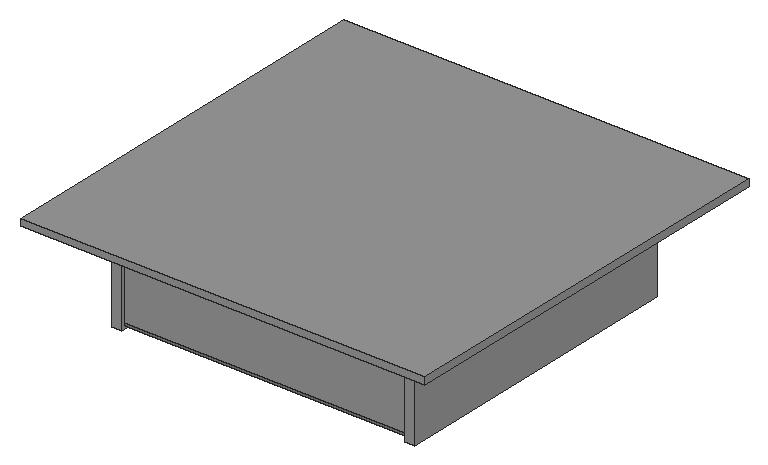
Revit family "Berica 2.0 M", category Lighting Fixtures, Revit 2020 (continued)
Definition of nested family "Light Source Berica 2.0"
  Types (4, lengths in mm): name | Photometric Web File | built-in parameter 1150142
    asymmetrical | "BERICA 2.0 A [3000K 8W 230Vac].IES" | "IESNA:LM-63-2002\r\n[TEST] 20201106-1625\r\n[TESTLAB] L&L\r\n[TESTDATE] 6 Nov 2020\r\n[ISSUEDATE] 6 Nov 2020\r\n[MANUFAC] L&L\r\n[LUMCAT] BERICA 2.0 A [3000K 8W 230Vac]\r\n[LUMINAIRE] BERICA 2.0 A [3000K 8W 230Vac]\r\n[FLASHAREA] 0.000363\r\n[LAMPCAT] Midpower LED\r\n[LAMP] Midpower LED\r\nTILT=NONE\r\n16 39.94 1.0 181 73 1 2 0.020 0.075 0.000\r\n1.00 1.00 8.00\r\n0.00 1.00 2.00 3.00 4.00 5.00 6.00 7.00 8.00 9.00 10.00 \r\n11.00 12.00 13.00 14.00 15.00 16.00 17.00 18.00 19.00 \r\n20.00 21.00 22.00 23.00 24.00 25.00 26.00 27.00 28.00 \r\n29.00 30.00 31.00 32.00 33.00 34.00 35.00 36.00 37.00 \r\n38.00 39.00 40.00 41.00 42.00 43.00 44.00 45.00 46.00 \r\n47.00 48.00 49.00 50.00 51.00 52.00 53.00 54.00 55.00 \r\n56.00 57.00 58.00 59.00 60.00 61.00 62.00 63.00 64.00 \r\n65.00 66.00 67.00 68.00 69.00 70.00 71.00 72.00 73.00 \r\n74.00 75.00 76.00 77.00 78.00 79.00 80.00 81.00 82.00 \r\n83.00 84.00 85.00 86.00 87.00 88.00 89.00 90.00 91.00 \r\n92.00 93.00 94.00 95.00 96.00 97.00 98.00 99.00 100.00 \r\n101.00 102.00 103.00 104.00 105.00 106.00 107.00 108.00 \r\n109.00 110.00 111.00 112.00 113.00 114.00 115.00 116.00 \r\n117.00 118.00 119.00 120.00 121.00 122.00 123.00 124.00 \r\n125.00 126.00 127.00 128.00 129.00 130.00 131.00 132.00 \r\n133.00 134.00 135.00 136.00 137.00 138.00 139.00 140.00 \r\n141.00 142.00 143.00 144.00 145.00 146.00 147.00 148.00 \r\n149.00 150.00 151.00 152.00 153.00 154.00 155.00 156.00 \r\n157.00 158.00 159.00 160.00 161.00 162.00 163.00 164.00 \r\n165.00 166.00 167.00 168.00 169.00 170.00 171.00 172.00 \r\n173.00 174.00 175.00 176.00 177.00 178.00 179.00 180.00 \r\n0.00 5.00 10.00 15.00 20.00 25.00 30.00 35.00 40.00 45.00 \r\n50.00 55.00 60.00 65.00 70.00 75.00 80.00 85.00 90.00 \r\n95.00 100.00 105.00 110.00 115.00 120.00 125.00 130.00 \r\n135.00 140.00 145.00 150.00 155.00 160.00 165.00 170.00 \r\n175.00 180.00 185.00 190.00 195.00 200.00 205.00 210.00 \r\n215.00 220.00 225.00 230.00 235.00 240.00 245.00 250.00 \r\n255.00 260.00 265.00 270.00 275.00 280.00 285.00 290.00 \r\n295.00 300.00 305.00 310.00 315.00 320.00 325.00 330.00 \r\n335.00 340.00 345.00 350.00 355.00 360.00 \r\n137.30 137.25 137.11 136.89 136.66 136.33 135.93 135.43 \r\n134.84 134.14 133.43 132.56 131.68 130.61 129.54 128.50 \r\n127.20 125.91 124.56 123.07 121.55 119.97 118.33 116.74 \r\n115.05 113.16 111.27 109.30 107.46 105.36 103.53 101.43 \r\n99.32 97.10 94.97 92.70 90.68 88.42 86.16 83.89 81.58 \r\n79.44 77.10 74.83 72.64 70.44 68.07 65.98 63.84 61.60 \r\n59.34 57.25 55.06 53.11 50.95 48.92 46.96 44.93 42.99 \r\n41.01 39.19 37.28 35.49 33.64 31.92 30.18 28.49 26.77 \r\n25.22 23.56 21.94 20.36 18.86 17.42 15.90 14.54 13.10 \r\n11.74 10.31 9.13 7.82 6.70 5.58 4.54 3.72 2.75 2.05 1.45 \r\n0.97 0.61 0.52 0.61 0.97 1.45 2.05 2.75 3.72 4.54 5.58 \r\n6.70 7.82 9.13 10.31 11.74 13.10 14.54 15.90 17.42 18.86 \r\n20.36 21.94 23.56 25.22 26.77 28.49 30.18 31.92 33.64 \r\n35.49 37.28 39.19 41.01 42.99 44.93 46.96 48.92 50.95 \r\n53.11 55.06 57.25 59.34 61.60 63.84 65.98 68.07 70.44 \r\n72.64 74.83 77.10 79.44 81.58 83.89 86.16 88.42 90.68 \r\n92.70 94.97 97.10 99.32 101.43 103.53 105.36 107.46 \r\n109.30 111.27 113.16 115.05 116.74 118.33 119.97 121.55 \r\n123.07 124.56 125.91 127.20 128.50 129.54 130.61 131.68 \r\n132.56 133.43 134.14 134.84 135.43 135.93 136.33 136.66 \r\n136.89 137.11 137.25 137.30 \r\n137.30 136.58 135.93 135.10 134.33 133.46 132.44 131.36 \r\n130.29 129.09 127.93 126.55 125.10 123.70 122.05 120.58 \r\n118.92 117.30 115.54 113.89 111.91 110.23 108.19 106.47 \r\n104.47 102.42 100.52 98.42 96.44 94.42 92.47 90.38 88.38 \r\n86.29 84.27 82.15 80.14 78.06 76.08 74.06 72.17 70.21 \r\n68.11 66.21 64.24 62.43 60.47 58.67 56.87 55.02 53.19 \r\n51.46 49.73 48.03 46.38 44.69 43.02 41.44 39.93 38.38 \r\n36.79 35.22 33.75 32.22 30.76 29.38 28.01 26.59 25.25 \r\n23.78 22.50 21.12 19.85 18.52 17.26 16.03 14.69 13.45 \r\n12.31 11.10 9.97 8.84 7.77 6.87 5.91 5.14 4.40 3.82 3.34 \r\n2.98 2.90 2.98 3.34 3.82 4.40 5.14 5.91 6.87 7.77 8.84 \r\n9.97 11.10 12.31 13.45 14.69 16.03 17.26 18.52 19.85 \r\n21.12 22.50 23.78 25.25 26.59 28.01 29.38 30.76 32.22 \r\n33.75 35.22 36.79 38.38 39.93 41.44 43.02 44.69 46.38 \r\n48.03 49.73 51.46 53.19 55.02 56.87 58.67 60.47 62.43 \r\n64.24 66.21 68.11 70.21 72.17 74.06 76.08 78.06 80.14 \r\n82.15 84.27 86.29 88.38 90.38 92.47 94.42 96.44 98.42 \r\n100.52 102.42 104.47 106.47 108.19 110.23 111.91 113.89 \r\n115.54 117.30 118.92 120.58 122.05 123.70 125.10 126.55 \r\n127.93 129.09 130.29 131.36 132.44 133.46 134.33 135.10 \r\n135.93 136.58 137.30 \r\n137.30 135.97 134.65 133.36 132.00 130.51 129.11 127.52 \r\n125.89 124.34 122.51 120.86 118.96 117.16 115.28 113.38 \r\n111.43 109.48 107.63 105.58 103.73 101.65 99.74 97.71 \r\n95.72 93.73 91.79 89.79 87.74 85.86 83.96 82.14 80.17 \r\n78.29 76.35 74.50 72.58 70.86 69.00 67.30 65.57 63.74 \r\n62.06 60.33 58.83 57.06 55.60 54.02 52.53 50.98 49.57 \r\n48.01 46.63 45.23 43.74 42.44 41.08 39.76 38.48 37.15 \r\n35.88 34.62 33.40 32.25 30.95 29.83 28.65 27.46 26.37 \r\n25.25 24.08 23.00 21.86 20.79 19.70 18.62 17.56 16.46 \r\n15.44 14.29 13.23 12.24 11.24 10.36 9.51 8.68 8.08 7.49 \r\n6.99 6.67 6.57 6.67 6.99 7.49 8.08 8.68 9.51 10.36 11.24 \r\n12.24 13.23 14.29 15.44 16.46 17.56 18.62 19.70 20.79 \r\n21.86 23.00 24.08 25.25 26.37 27.46 28.65 29.83 30.95 \r\n32.25 33.40 34.62 35.88 37.15 38.48 39.76 41.08 42.44 \r\n43.74 45.23 46.63 48.01 49.57 50.98 52.53 54.02 55.60 \r\n57.06 58.83 60.33 62.06 63.74 65.57 67.30 69.00 70.86 \r\n72.58 74.50 76.35 78.29 80.17 82.14 83.96 85.86 87.74 \r\n89.79 91.79 93.73 95.72 97.71 99.74 101.65 103.73 105.58 \r\n107.63 109.48 111.43 113.38 115.28 117.16 118.96 120.86 \r\n122.51 124.34 125.89 127.52 129.11 130.51 132.00 133.36 \r\n134.65 135.97 137.30 \r\n137.30 135.31 133.46 131.59 129.76 127.78 125.77 123.79 \r\n121.73 119.76 117.66 115.56 113.40 111.24 109.06 107.03 \r\n105.08 102.92 100.76 98.63 96.60 94.57 92.58 90.48 88.51 \r\n86.49 84.68 82.55 80.71 78.75 77.13 75.29 73.47 71.73 \r\n70.14 68.41 66.79 65.20 63.51 62.07 60.44 59.09 57.60 \r\n56.14 54.77 53.35 52.08 50.75 49.52 48.24 47.01 45.79 \r\n44.66 43.47 42.36 41.25 40.19 39.05 38.07 37.05 36.05 \r\n35.07 34.02 33.11 32.15 31.27 30.25 29.41 28.49 27.58 \r\n26.66 25.77 24.91 24.02 23.06 22.07 21.09 19.97 19.02 \r\n17.91 16.95 16.01 15.08 14.27 13.48 12.80 12.14 11.63 \r\n11.15 10.91 10.81 10.91 11.15 11.63 12.14 12.80 13.48 \r\n14.27 15.08 16.01 16.95 17.91 19.02 19.97 21.09 22.07 \r\n23.06 24.02 24.91 25.77 26.66 27.58 28.49 29.41 30.25 \r\n31.27 32.15 33.11 34.02 35.07 36.05 37.05 38.07 39.05 \r\n40.19 41.25 42.36 43.47 44.66 45.79 47.01 48.24 49.52 \r\n50.75 52.08 53.35 54.77 56.14 57.60 59.09 60.44 62.07 \r\n63.51 65.20 66.79 68.41 70.14 71.73 73.47 75.29 77.13 \r\n78.75 80.71 82.55 84.68 86.49 88.51 90.48 92.58 94.57 \r\n96.60 98.63 100.76 102.92 105.08 107.03 109.06 111.24 \r\n113.40 115.56 117.66 119.76 121.73 123.79 125.77 127.78 \r\n129.76 131.59 133.46 135.31 137.30 \r\n137.30 134.67 132.40 129.99 127.49 125.13 122.73 120.35 \r\n117.89 115.64 113.10 110.81 108.54 106.18 103.73 101.40 \r\n99.21 96.97 94.91 92.60 90.49 88.43 86.43 84.38 82.44 \r\n80.37 78.47 76.51 74.76 72.86 71.62 69.97 68.32 66.76 \r\n65.11 63.74 62.20 60.84 59.40 58.14 56.81 55.57 54.33 \r\n53.16 51.92 50.81 49.68 48.67 47.65 46.61 45.64 44.65 \r\n43.74 42.78 41.88 41.07 40.21 39.37 38.58 37.81 37.03 \r\n36.33 35.56 34.87 34.16 33.46 32.84 32.12 31.36 30.60 \r\n29.79 28.99 28.09 27.13 26.14 25.17 24.18 23.19 22.19 \r\n21.30 20.36 19.62 18.85 18.16 17.55 16.91 16.43 15.93 \r\n15.60 15.35 15.23 15.35 15.60 15.93 16.43 16.91 17.55 \r\n18.16 18.85 19.62 20.36 21.30 22.19 23.19 24.18 25.17 \r\n26.14 27.13 28.09 28.99 29.79 30.60 31.36 32.12 32.84 \r\n33.46 34.16 34.87 35.56 36.33 37.03 37.81 38.58 39.37 \r\n40.21 41.07 41.88 42.78 43.74 44.65 45.64 46.61 47.65 \r\n48.67 49.68 50.81 51.92 53.16 54.33 55.57 56.81 58.14 \r\n59.40 60.84 62.20 63.74 65.11 66.76 68.32 69.97 71.62 \r\n72.86 74.76 76.51 78.47 80.37 82.44 84.38 86.43 88.43 \r\n90.49 92.60 94.91 96.97 99.21 101.40 103.73 106.18 108.54 \r\n110.81 113.10 115.64 117.89 120.35 122.73 125.13 127.49 \r\n129.99 132.40 134.67 137.30 \r\n137.30 134.00 131.19 128.24 125.31 122.76 119.58 117.14 \r\n114.40 111.70 109.05 106.53 103.88 101.63 98.98 96.48 \r\n94.16 91.69 89.63 87.34 85.20 83.04 80.98 78.95 77.17 \r\n75.03 73.42 71.60 69.85 68.23 67.05 65.61 64.17 62.71 \r\n61.30 60.03 58.70 57.56 56.30 55.25 54.13 53.05 52.01 \r\n51.09 50.18 49.19 48.32 47.45 46.67 45.84 45.06 44.33 \r\n43.58 42.86 42.25 41.55 40.99 40.40 39.82 39.25 38.77 \r\n38.22 37.74 37.19 36.61 36.03 35.37 34.64 33.93 33.08 \r\n32.27 31.35 30.41 29.53 28.59 27.73 26.81 26.02 25.34 \r\n24.64 23.92 23.36 22.78 22.26 21.72 21.21 20.80 20.39 \r\n20.10 19.87 19.84 19.87 20.10 20.39 20.80 21.21 21.72 \r\n22.26 22.78 23.36 23.92 24.64 25.34 26.02 26.81 27.73 \r\n28.59 29.53 30.41 31.35 32.27 33.08 33.93 34.64 35.37 \r\n36.03 36.61 37.19 37.74 38.22 38.77 39.25 39.82 40.40 \r\n40.99 41.55 42.25 42.86 43.58 44.33 45.06 45.84 46.67 \r\n47.45 48.32 49.19 50.18 51.09 52.01 53.05 54.13 55.25 \r\n56.30 57.56 58.70 60.03 61.30 62.71 64.17 65.61 67.05 \r\n68.23 69.85 71.60 73.42 75.03 77.17 78.95 80.98 83.04 \r\n85.20 87.34 89.63 91.69 94.16 96.48 98.98 101.63 103.88 \r\n106.53 109.05 111.70 114.40 117.14 119.58 122.76 125.31 \r\n128.24 131.19 134.00 137.30 \r\n137.30 133.45 130.26 126.95 123.76 120.38 117.30 114.31 \r\n111.21 108.50 105.59 102.93 99.98 97.42 94.77 92.22 89.65 \r\n87.40 85.03 82.81 80.68 78.50 76.70 74.68 72.86 71.03 \r\n69.38 67.68 66.14 64.57 63.63 62.30 60.97 59.72 58.53 \r\n57.47 56.34 55.27 54.37 53.39 52.48 51.64 50.75 49.99 \r\n49.18 48.48 47.80 47.13 46.48 45.89 45.35 44.76 44.25 \r\n43.75 43.31 42.86 42.44 42.04 41.60 41.19 40.77 40.28 \r\n39.81 39.20 38.67 37.97 37.31 36.53 35.75 34.91 34.09 \r\n33.26 32.41 31.55 30.83 30.28 29.64 29.16 28.62 28.17 \r\n27.64 27.15 26.76 26.32 25.95 25.47 25.22 24.83 24.63 \r\n24.42 24.41 24.42 24.63 24.83 25.22 25.47 25.95 26.32 \r\n26.76 27.15 27.64 28.17 28.62 29.16 29.64 30.28 30.83 \r\n31.55 32.41 33.26 34.09 34.91 35.75 36.53 37.31 37.97 \r\n38.67 39.20 39.81 40.28 40.77 41.19 41.60 42.04 42.44 \r\n42.86 43.31 43.75 44.25 44.76 45.35 45.89 46.48 47.13 \r\n47.80 48.48 49.18 49.99 50.75 51.64 52.48 53.39 54.37 \r\n55.27 56.34 57.47 58.53 59.72 60.97 62.30 63.63 64.57 \r\n66.14 67.68 69.38 71.03 72.86 74.68 76.70 78.50 80.68 \r\n82.81 85.03 87.40 89.65 92.22 94.77 97.42 99.98 102.93 \r\n105.59 108.50 111.21 114.31 117.30 120.38 123.76 126.95 \r\n130.26 133.45 137.30 \r\n137.30 132.88 129.03 125.33 121.75 118.13 114.90 111.60 \r\n108.34 105.38 102.17 99.26 96.34 93.69 90.82 88.37 85.79 \r\n83.46 80.99 78.82 76.76 74.71 72.84 70.96 69.28 67.55 \r\n65.98 64.41 63.04 61.61 60.85 59.62 58.56 57.46 56.44 \r\n55.46 54.55 53.73 52.84 52.11 51.35 50.66 49.97 49.37 \r\n48.78 48.25 47.73 47.30 46.85 46.43 46.05 45.68 45.32 \r\n44.99 44.63 44.31 43.97 43.60 43.22 42.80 42.36 41.80 \r\n41.31 40.65 40.05 39.36 38.65 37.85 37.12 36.43 35.66 \r\n34.97 34.32 33.94 33.52 33.14 32.72 32.41 32.01 31.67 \r\n31.34 30.94 30.63 30.31 29.97 29.72 29.45 29.22 28.97 \r\n28.80 28.83 28.80 28.97 29.22 29.45 29.72 29.97 30.31 \r\n30.63 30.94 31.34 31.67 32.01 32.41 32.72 33.14 33.52 \r\n33.94 34.32 34.97 35.66 36.43 37.12 37.85 38.65 39.36 \r\n40.05 40.65 41.31 41.80 42.36 42.80 43.22 43.60 43.97 \r\n44.31 44.63 44.99 45.32 45.68 46.05 46.43 46.85 47.30 \r\n47.73 48.25 48.78 49.37 49.97 50.66 51.35 52.11 52.84 \r\n53.73 54.55 55.46 56.44 57.46 58.56 59.62 60.85 61.61 \r\n63.04 64.41 65.98 67.55 69.28 70.96 72.84 74.71 76.76 \r\n78.82 80.99 83.46 85.79 88.37 90.82 93.69 96.34 99.26 \r\n102.17 105.38 108.34 111.60 114.90 118.13 121.75 125.33 \r\n129.03 132.88 137.30 \r\n137.30 132.55 128.23 124.22 120.37 116.53 112.95 109.25 \r\n105.89 102.51 99.34 96.48 93.33 90.57 87.62 85.14 82.36 \r\n80.06 77.81 75.70 73.52 71.72 69.84 68.11 66.48 64.85 \r\n63.40 62.00 60.74 59.49 58.95 57.86 56.90 55.94 55.09 \r\n54.18 53.45 52.73 52.08 51.47 50.85 50.34 49.88 49.45 \r\n49.03 48.66 48.31 48.01 47.74 47.49 47.24 46.95 46.69 \r\n46.42 46.11 45.78 45.46 45.07 44.67 44.20 43.73 43.18 \r\n42.58 41.96 41.31 40.64 39.98 39.31 38.65 38.03 37.52 \r\n37.27 36.99 36.69 36.45 36.20 35.98 35.72 35.49 35.19 \r\n34.92 34.73 34.50 34.27 34.05 33.82 33.62 33.41 33.21 \r\n33.11 33.08 33.11 33.21 33.41 33.62 33.82 34.05 34.27 \r\n34.50 34.73 34.92 35.19 35.49 35.72 35.98 36.20 36.45 \r\n36.69 36.99 37.27 37.52 38.03 38.65 39.31 39.98 40.64 \r\n41.31 41.96 42.58 43.18 43.73 44.20 44.67 45.07 45.46 \r\n45.78 46.11 46.42 46.69 46.95 47.24 47.49 47.74 48.01 \r\n48.31 48.66 49.03 49.45 49.88 50.34 50.85 51.47 52.08 \r\n52.73 53.45 54.18 55.09 55.94 56.90 57.86 58.95 59.49 \r\n60.74 62.00 63.40 64.85 66.48 68.11 69.84 71.72 73.52 \r\n75.70 77.81 80.06 82.36 85.14 87.62 90.57 93.33 96.48 \r\n99.34 102.51 105.89 109.25 112.95 116.53 120.37 124.22 \r\n128.23 132.55 137.30 \r\n137.30 132.07 127.40 122.82 118.62 114.62 110.86 107.19 \r\n103.54 99.98 96.60 93.49 90.35 87.67 84.55 82.01 79.45 \r\n77.12 74.96 72.77 70.89 68.97 67.20 65.59 64.09 62.60 \r\n61.31 60.07 58.89 57.83 57.31 56.40 55.58 54.74 53.99 \r\n53.30 52.70 52.14 51.61 51.17 50.78 50.38 50.07 49.75 \r\n49.50 49.28 49.07 48.88 48.71 48.52 48.36 48.15 47.95 \r\n47.68 47.36 47.03 46.68 46.32 45.89 45.42 44.85 44.34 \r\n43.69 43.14 42.55 41.93 41.30 40.74 40.45 40.20 40.05 \r\n39.89 39.76 39.50 39.42 39.21 39.12 38.87 38.73 38.55 \r\n38.48 38.27 38.11 38.00 37.82 37.70 37.50 37.36 37.17 \r\n37.12 37.06 37.12 37.17 37.36 37.50 37.70 37.82 38.00 \r\n38.11 38.27 38.48 38.55 38.73 38.87 39.12 39.21 39.42 \r\n39.50 39.76 39.89 40.05 40.20 40.45 40.74 41.30 41.93 \r\n42.55 43.14 43.69 44.34 44.85 45.42 45.89 46.32 46.68 \r\n47.03 47.36 47.68 47.95 48.15 48.36 48.52 48.71 48.88 \r\n49.07 49.28 49.50 49.75 50.07 50.38 50.78 51.17 51.61 \r\n52.14 52.70 53.30 53.99 54.74 55.58 56.40 57.31 57.83 \r\n58.89 60.07 61.31 62.60 64.09 65.59 67.20 68.97 70.89 \r\n72.77 74.96 77.12 79.45 82.01 84.55 87.67 90.35 93.49 \r\n96.60 99.98 103.54 107.19 110.86 114.62 118.62 122.82 \r\n127.40 132.07 137.30 \r\n137.30 131.88 126.81 122.11 117.26 113.33 109.07 105.35 \r\n101.60 97.97 94.45 91.24 88.25 85.05 82.42 79.55 77.33 \r\n74.85 72.77 70.60 68.72 66.90 65.36 63.88 62.39 61.03 \r\n59.85 58.72 57.63 56.69 56.24 55.48 54.73 54.09 53.47 \r\n52.92 52.48 52.03 51.67 51.33 51.07 50.82 50.62 50.45 \r\n50.33 50.21 50.09 50.00 49.90 49.83 49.70 49.48 49.24 \r\n48.93 48.60 48.28 47.91 47.55 47.06 46.61 46.05 45.52 \r\n44.97 44.43 43.91 43.34 43.04 42.93 42.87 42.72 42.65 \r\n42.56 42.48 42.40 42.35 42.24 42.17 42.03 41.96 41.89 \r\n41.79 41.70 41.62 41.61 41.44 41.31 41.18 41.02 40.90 \r\n40.81 40.82 40.81 40.90 41.02 41.18 41.31 41.44 41.61 \r\n41.62 41.70 41.79 41.89 41.96 42.03 42.17 42.24 42.35 \r\n42.40 42.48 42.56 42.65 42.72 42.87 42.93 43.04 43.34 \r\n43.91 44.43 44.97 45.52 46.05 46.61 47.06 47.55 47.91 \r\n48.28 48.60 48.93 49.24 49.48 49.70 49.83 49.90 50.00 \r\n50.09 50.21 50.33 50.45 50.62 50.82 51.07 51.33 51.67 \r\n52.03 52.48 52.92 53.47 54.09 54.73 55.48 56.24 56.69 \r\n57.63 58.72 59.85 61.03 62.39 63.88 65.36 66.90 68.72 \r\n70.60 72.77 74.85 77.33 79.55 82.42 85.05 88.25 91.24 \r\n94.45 97.97 101.60 105.35 109.07 113.33 117.26 122.11 \r\n126.81 131.88 137.30 \r\n137.30 130.47 125.73 120.60 115.93 111.46 107.15 103.19 \r\n99.22 95.56 92.11 88.86 85.64 82.85 79.67 77.31 74.94 \r\n72.51 70.44 68.48 66.63 65.00 63.48 62.03 60.74 59.47 \r\n58.34 57.35 56.39 55.53 55.22 54.54 53.97 53.37 52.95 \r\n52.54 52.15 51.83 51.57 51.38 51.24 51.11 51.03 50.97 \r\n50.92 50.89 50.85 50.92 50.92 50.79 50.59 50.38 50.04 \r\n49.76 49.46 49.18 48.82 48.41 47.94 47.52 47.02 46.52 \r\n46.05 45.50 45.19 45.04 45.08 44.99 45.02 44.96 45.00 \r\n45.02 44.96 44.96 44.94 44.93 44.91 44.87 44.79 44.82 \r\n44.65 44.70 44.61 44.57 44.55 44.45 44.37 44.21 44.13 \r\n44.02 44.10 44.02 44.13 44.21 44.37 44.45 44.55 44.57 \r\n44.61 44.70 44.65 44.82 44.79 44.87 44.91 44.93 44.94 \r\n44.96 44.96 45.02 45.00 44.96 45.02 44.99 45.08 45.04 \r\n45.19 45.50 46.05 46.52 47.02 47.52 47.94 48.41 48.82 \r\n49.18 49.46 49.76 50.04 50.38 50.59 50.79 50.92 50.92 \r\n50.85 50.89 50.92 50.97 51.03 51.11 51.24 51.38 51.57 \r\n51.83 52.15 52.54 52.95 53.37 53.97 54.54 55.22 55.53 \r\n56.39 57.35 58.34 59.47 60.74 62.03 63.48 65.00 66.63 \r\n68.48 70.44 72.51 74.94 77.31 79.67 82.85 85.64 88.86 \r\n92.11 95.56 99.22 103.19 107.15 111.46 115.93 120.60 \r\n125
